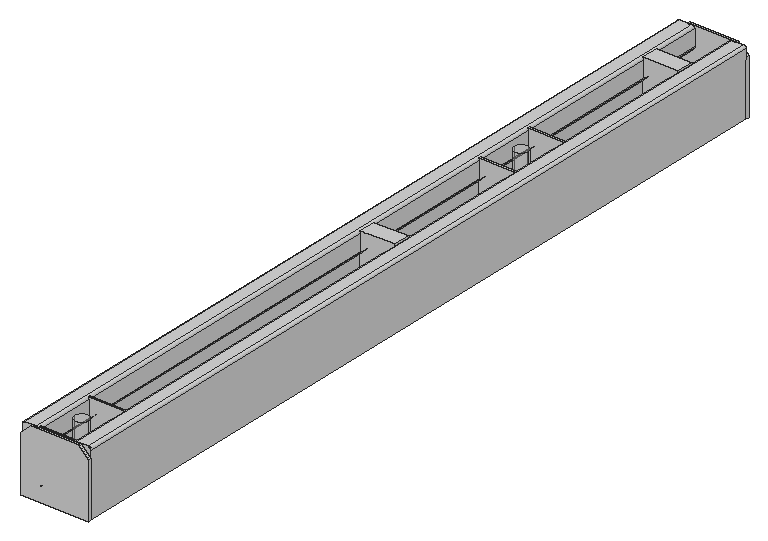
Revit family "ML_ML COMPENSATION 4''x4'_1920059", category Generic Models, Revit 2018
Family settings
  Can host rebar = No
  Round Connector Dimension = Use Diameter
  Part Type = Normal
  OmniClass Number = 35.51.14.00
  OmniClass Title = FORMWORK
  Work Plane-Based = Yes
  Always vertical = No
  Cut with Voids When Loaded = No
  Shared = Yes
  Room Calculation Point = No
Parameters
  VERSION = "20190101"  # constant formula
  URL = "www.ulmaconstruction.com/en"
  UNICLASS = ""
  ITEM_CODE = "1920059"
  Manufacturer = "ULMA CONSTRUCTION"  # constant formula
  FILTER [instance] = ""
  Default Elevation = 0"
  CLASSIFICATION_TITLE = ""
  CLASSIFICATION_NUMBER = ""
Reference planes (in)
  plane 1 "Centro (Frontal/Posterior)": y = 0
  plane 2: z = 0
  plane 3 "Centro (Izquierda/Derecha)": x = 0
  plane 4 "ITEM_HEIGHT": y = 48
  plane 5 "ITEM_WIDTH": x = 4
  plane 6 "TIE 1": y = 2
  plane 7 "TIE 2": y = 34
  plane 8 "MIDDLE": x = 2.00291
  plane 9 "LATERAL HOLES": z = 1.49989
Forms (in)
  Extrusion 1, solid, material "ULMA ZINC", detail levels fine
    sketch origin (0, 0, 0) x (0, 1, 0) y (0, 0, 1)
      loop
        line (0.15748, 0) -> (47.84375, 0) -> (47.84375, 0.64972) -> (0.15748, 0.64972) -> (0.15748, 0)
    from 0.47244 to 3.52756
  Extrusion 2, solid, material "ULMA ZINC", detail levels fine
    sketch origin (-14.5, 66.01575, 0) x (1, 0, 0) y (0, 0, 1)
      loop
        line (14.5, 0) -> (14.97244, 0) -> (14.97244, 0.64972) -> (15.32677, 0.64972)
        arc (15.32677, 0.64972) -> (15.43813, 0.69584) -> (15.48425, 0.8072) r 0.15748
        line (15.48425, 0.8072) -> (15.48425, 0.86626)
        arc (15.48425, 0.86626) -> (15.43813, 0.97761) -> (15.32677, 1.02374) r 0.15748
        line (15.32677, 1.02374) -> (14.77314, 1.02374)
        arc (14.77314, 1.02374) -> (14.72527, 1.03996) -> (14.69713, 1.08193) r 0.07874
        line (14.69713, 1.08193) -> (14.69713, 2.24353)
        arc (14.69713, 2.24353) -> (14.71999, 2.29957) -> (14.77587, 2.32283) r 0.07874
        line (14.77587, 2.32283) -> (15.13096, 2.32283)
        arc (15.13096, 2.32283) -> (15.19221, 2.33523) -> (15.24381, 2.37047) r 0.15748
        line (15.24381, 2.37047) -> (15.44021, 2.57226)
        arc (15.44021, 2.57226) -> (15.47326, 2.62282) -> (15.48484, 2.6821) r 0.15748
        line (15.48484, 2.6821) -> (15.48484, 3.64173)
        arc (15.48484, 3.64173) -> (15.43872, 3.75309) -> (15.32736, 3.79921) r 0.15748
        line (15.32736, 3.79921) -> (14.65966, 3.79921)
        arc (14.65966, 3.79921) -> (14.54676, 3.75245) -> (14.5, 3.63955) r 0.15966
        line (14.5, 3.63955) -> (14.5, 0)
    from 18.172 to 65.85827
  Extrusion 3, solid, material "ULMA ZINC", detail levels fine
    sketch origin (73.5, 66.01575, 0) x (-1, 0, 0) y (0, 0, -1)
      loop
        line (69.5, 0) -> (69.5, -3.63955)
        arc (69.5, -3.63955) -> (69.54676, -3.75245) -> (69.65966, -3.79921) r 0.15966
        line (69.65966, -3.79921) -> (70.32736, -3.79921)
        arc (70.32736, -3.79921) -> (70.43872, -3.75309) -> (70.48484, -3.64173) r 0.15748
        line (70.48484, -3.64173) -> (70.48484, -2.6821)
        arc (70.48484, -2.6821) -> (70.47326, -2.62282) -> (70.44021, -2.57226) r 0.15748
        line (70.44021, -2.57226) -> (70.24381, -2.37047)
        arc (70.24381, -2.37047) -> (70.19221, -2.33523) -> (70.13096, -2.32283) r 0.15748
        line (70.13096, -2.32283) -> (69.77587, -2.32283)
        arc (69.77587, -2.32283) -> (69.71999, -2.29957) -> (69.69713, -2.24353) r 0.07874
        line (69.69713, -2.24353) -> (69.69713, -1.08193)
        arc (69.69713, -1.08193) -> (69.72527, -1.03996) -> (69.77314, -1.02374) r 0.07874
        line (69.77314, -1.02374) -> (70.32677, -1.02374)
        arc (70.32677, -1.02374) -> (70.43813, -0.97761) -> (70.48425, -0.86626) r 0.15748
        line (70.48425, -0.86626) -> (70.48425, -0.8072)
        arc (70.48425, -0.8072) -> (70.43813, -0.69584) -> (70.32677, -0.64972) r 0.15748
        line (70.32677, -0.64972) -> (69.97244, -0.64972) -> (69.97244, 0) -> (69.5, 0)
    from 18.172 to 65.85827
  Extrusion 4, solid, material "ULMA ZINC", detail levels fine
    sketch origin (0, 19.22835, 0) x (0, 1, 0) y (0, 0, 1)
      loop
        line (5.26378, 3.79921) -> (4.27953, 3.79921) -> (4.27953, 0.64961) -> (5.26378, 0.64961) -> (5.26378, 3.79921)
    from 0.98425 to 3.01575
  Extrusion 5, solid, material "ULMA ZINC", detail levels fine
    sketch origin (0, -4.24409, 0) x (0, 1, 0) y (0, 0, 1)
      loop
        line (4.51181, 3.7991) -> (4.41339, 3.7991) -> (4.41339, 0.84634)
        arc (4.41339, 0.84634) -> (4.47104, 0.70715) -> (4.61024, 0.64949) r 0.19685
        line (4.61024, 0.64949) -> (7.87795, 0.64949)
        arc (7.87795, 0.64949) -> (8.01715, 0.70715) -> (8.0748, 0.84634) r 0.19685
        line (8.0748, 0.84634) -> (8.0748, 3.7991) -> (7.97638, 3.7991) -> (7.97638, 0.84634)
        arc (7.97638, 0.84634) -> (7.94755, 0.77675) -> (7.87795, 0.74792) r 0.09843
        line (7.87795, 0.74792) -> (4.61024, 0.74792)
        arc (4.61024, 0.74792) -> (4.54064, 0.77675) -> (4.51181, 0.84634) r 0.09843
        line (4.51181, 0.84634) -> (4.51181, 3.7991)
    from 0.98425 to 3.01575
  Extrusion 6, solid, material "ULMA ZINC", detail levels fine
    sketch origin (0, 27.75591, 0) x (0, 1, 0) y (0, 0, 1)
      loop
        line (4.51181, 3.7991) -> (4.41339, 3.7991) -> (4.41339, 0.84634)
        arc (4.41339, 0.84634) -> (4.47104, 0.70715) -> (4.61024, 0.64949) r 0.19685
        line (4.61024, 0.64949) -> (7.87795, 0.64949)
        arc (7.87795, 0.64949) -> (8.01715, 0.70715) -> (8.0748, 0.84634) r 0.19685
        line (8.0748, 0.84634) -> (8.0748, 3.7991) -> (7.97638, 3.7991) -> (7.97638, 0.84634)
        arc (7.97638, 0.84634) -> (7.94755, 0.77675) -> (7.87795, 0.74792) r 0.09843
        line (7.87795, 0.74792) -> (4.61024, 0.74792)
        arc (4.61024, 0.74792) -> (4.54064, 0.77675) -> (4.51181, 0.84634) r 0.09843
        line (4.51181, 0.84634) -> (4.51181, 3.7991)
    from 0.98425 to 3.01575
  Extrusion 7, solid, material "ULMA ZINC", detail levels fine
    sketch origin (0, 39.84163, 0) x (0, 1, 0) y (0, 0, 1)
      loop
        line (5.26378, 3.79921) -> (4.27953, 3.79921) -> (4.27953, 0.64961) -> (5.26378, 0.64961) -> (5.26378, 3.79921)
    from 0.98425 to 3.01575
  Extrusion 8, solid, material "ULMA ZINC", detail levels fine
    sketch origin (0, 0, 0) x (1, 0, 0) y (0, 0, 1)
      loop
        line (0, 0) -> (4, 0) -> (4, 3.21448) -> (3.41527, 3.79921) -> (0.59055, 3.79921) -> (0, 3.20866) -> (0, 0)
    from -0.15748 to 0
  Extrusion 9, solid, material "ULMA ZINC", detail levels fine
    sketch origin (0, 0, 0) x (1, 0, 0) y (0, 0, 1)
      loop
        line (0, 0) -> (4, 0) -> (4, 3.21448) -> (3.41527, 3.79921) -> (0.59055, 3.79921) -> (0, 3.20866) -> (0, 0)
    from -48 to -47.84375
  Extrusion 10, solid, material "ULMA TRANSPARENT WHITE"
    sketch origin (0, -20, 0) x (1, 0, 0) y (0, 1, 0)
      loop
        circle (2, 22) r 0.41339
    from 0.74792 to 3.7991
  Extrusion 11, solid, material "ULMA TRANSPARENT WHITE"
    sketch origin (0, 12, 0) x (1, 0, 0) y (0, 1, 0)
      loop
        circle (2, 22) r 0.41339
    from 0.74792 to 3.7991
Lines and regions (in)
  model lines, style "ULMA PANELS", detail levels medium
    curve 1: line (0, 0, 0) -> (4, 0, 0)
    curve 2: line (4, 0, 0) -> (4, 48, 0)
    curve 3: line (4, 48, 0) -> (0, 48, 0)
    curve 4: line (0, 48, 0) -> (0, 0, 0)
  model lines, style "ULMA PANELS", detail levels fine
    curve 5: circle (2, 2, 0.74792) r 0.41339 normal (0, 0, 1)
    curve 6: circle (2, 2, 0) r 0.41339 normal (0, 0, 1)
    curve 7: circle (2, 34, 0.74792) r 0.41339 normal (0, 0, 1)
    curve 8: circle (2, 34, 0) r 0.41339 normal (0, 0, 1)
    curve 9: circle (0, 6, 1.49989) r 0.3937 normal (1, 0, 0)
    curve 10: circle (4, 6, 1.49989) r 0.3937 normal (1, 0, 0)
    curve 11: circle (0, 18, 1.49989) r 0.3937 normal (1, 0, 0)
    curve 12: circle (0, 30, 1.49989) r 0.3937 normal (1, 0, 0)
    curve 13: circle (0, 42, 1.49989) r 0.3937 normal (1, 0, 0)
    curve 14: circle (4, 18, 1.49989) r 0.3937 normal (1, 0, 0)
    curve 15: circle (4, 30, 1.49989) r 0.3937 normal (1, 0, 0)
    curve 16: circle (4, 42, 1.49989) r 0.3937 normal (1, 0, 0)
Dimensions and locks (in)
  plane 1 "Centro (Frontal/Posterior)" to plane 4 "ITEM_HEIGHT" = 48"
  locked: Extrusion 5 sketch curve to Extrusion 5 sketch curve at 0.09843  (x2)
  equal spacing: Extrusion 5 sketch curve, plane 6 "TIE 1", Extrusion 5 sketch curve
  locked: Extrusion 6 sketch curve to Extrusion 6 sketch curve at 0.09843  (x2)
  equal spacing: Extrusion 6 sketch curve, plane 7 "TIE 2", Extrusion 6 sketch curve
  locked: curve 9 to plane 1 "Centro (Frontal/Posterior)" at 6
  locked: plane 9 "LATERAL HOLES" to plane 2 at 1.49989
  aligned and locked: plane 2 to level
  aligned and locked: Extrusion 2 to plane 3 "Centro (Izquierda/Derecha)"
  aligned and locked: Extrusion 1 to Extrusion 2  (x2)
  aligned and locked: Extrusion 1 to Extrusion 3
  aligned and locked: plane 4 "ITEM_HEIGHT" to Extrusion 9
  aligned and locked: Extrusion 2 to Extrusion 9
  aligned and locked: Extrusion 3 to Extrusion 9
  aligned and locked: Extrusion 2 to Extrusion 1
